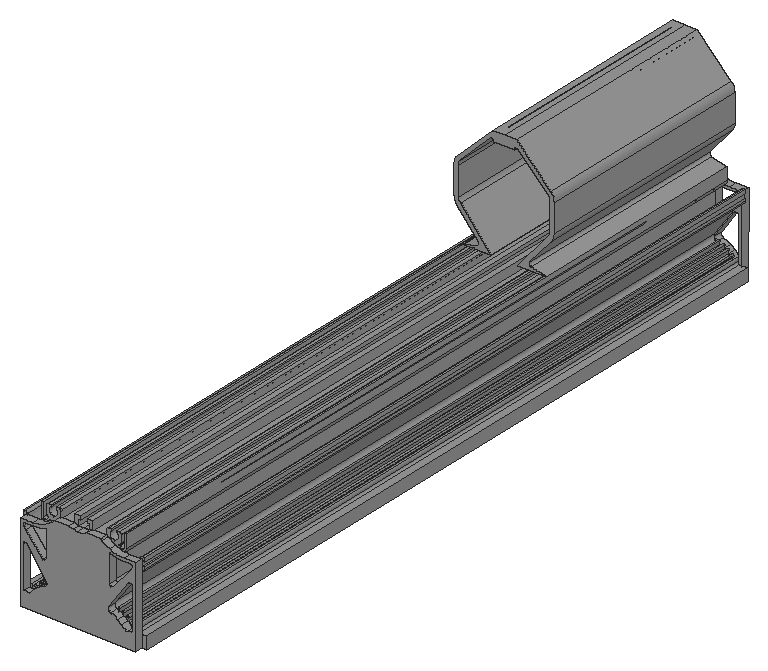
Revit family "L-street 24 Standart", category Осветительные приборы, Revit 2017 (continued)
Types (7, lengths in mm): name | built-in parameter 1150134 | Файл фотометрической сетки | built-in parameter 1150105 | Lumens | built-in parameter 1150106 | built-in parameter 1150142 | Wattage | built-in parameter 1150107 | Артикул
    6 390 394.1 398.6 403.2 408.1 412.7 416.8 420.2 423.6 427.4 431.9 437.2 443.6 450.4 458.6 467.8 478.1 488.9 500.4 512.6 525.2 538.3 550.5 561.4 569.2 573.5 573 566 550.8 523.8 483.7 426.3 358.3 287.2 226 175.3 132.2 89.9 55.3 36.1 25 16.8 13 11.4 10.1 9.1 8.4 7.8 7.2 6.8 6.3 5.8 5.4 5.1 4.8 4.6 4.1 3.2 2.8\r\n328.9 328.5 328.2 328.2 328.2 328.4 328.9 329.6 330.4 331.5 332.7 334 335.5 337.3 339.3 341.7 344.1 346.7 349.2 351.6 354.2 356.7 359.3 361.9 365 368.1 371.3 374.6 378.2 381.9 385.9 390.5 395.4 400.3 405.8 411.6 417.7 423.6 429 433.5 438.2 443.3 449.2 455.8 462.9 470.3 479 488.5 499.4 511.7 526 542.3 559.9 579.1 598.2 616.8 632.3 645.2 654.6 659.9 659.2 648.4 620.7 563.4 477.2 374.4 283.9 211.1 150.4 93 54.4 36.9 25.8 17.6 14 12.2 10.9 9.9 9.1 8.5 7.8 7.4 6.7 6.3 5.9 5.5 5.2 4.9 4.4 3.3 2.9\r\n328.9 328.5 328.3 328.3 328.5 328.8 329.3 330.1 331 332.2 333.4 334.8 336.4 338.2 340.3 342.5 344.9 347.4 350 352.6 355.1 357.6 360.2 362.9 365.9 368.9 372 375.3 378.8 382.5 386.5 391.1 396.3 401.6 407.5 413.8 420.8 427.5 433.8 439.1 444.6 450.3 457.4 465.6 474.8 485 496.5 508.6 522.2 536.9 552.8 569.8 587.4 606.2 625.2 644.8 662.4 678.1 690.6 700.2 705.2 700.9 677.7 619.9 527.1 411.5 307.8 226 157.1 93 55.9 38.9 27.5 18.9 14.9 13 11.6 10.5 9.8 9.1 8.4 7.9 7.2 6.7 6.2 5.8 5.5 5.2 4.6 3.4 2.9\r\n328.9 328.6 328.5 328.4 328.7 329.1 329.7 330.6 331.6 332.8 334.1 335.5 337.2 339.1 341.2 343.3 345.8 348.2 350.9 353.6 356.1 358.5 361.2 363.9 366.8 369.7 372.7 376 379.5 383.1 387.2 391.8 397.2 402.9 409.2 416.1 423.9 431.3 438.5 444.8 450.9 457.3 465.6 475.3 486.8 499.7 513.9 528.8 545.1 562 579.7 597.3 614.9 633.3 652.3 672.8 692.6 710.9 726.5 740.5 751.1 753.4 734.6 676.4 577.1 448.5 331.7 241 163.8 93.1 57.5 40.9 29.1 20.2 15.9 13.8 12.3 11.2 10.4 9.7 9 8.4 7.7 7.1 6.6 6.2 5.8 5.5 4.9 3.5 2.8\r\n328.9 328.6 328.5 328.6 328.9 329.3 330.1 331 332 333.3 334.7 336 337.9 339.8 342 344.3 347 349.4 352.1 355 357.6 360.1 362.8 365.6 368.5 371.5 374.5 377.7 381.2 384.8 388.9 393.5 398.8 404.6 411.1 418.5 426.6 434.3 441.8 448.1 454.5 461.5 470.8 481.7 494.7 509.3 525.6 543.2 562.8 583.2 605 627.4 649.8 673.3 697 721.2 744.1 764.1 778.2 783.6 777 755.4 714.5 642.8 541.4 421.1 315.5 229 151.8 86.9 55.2 38.9 27.8 20.1 16.2 14.2 12.6 11.6 10.7 10 9.3 8.6 8 7.4 6.8 6.4 6 5.7 5 3.6 2.9\r\n328.9 328.6 328.6 328.8 329.1 329.6 330.4 331.4 332.5 333.7 335.2 336.6 338.6 340.6 342.9 345.3 348.1 350.6 353.4 356.3 359 361.7 364.5 367.2 370.2 373.2 376.3 379.4 382.9 386.4 390.5 395.1 400.3 406.2 413.1 420.9 429.3 437.3 445 451.5 458 465.8 476 488.1 502.7 518.9 537.3 557.6 580.5 604.3 630.3 657.5 684.7 713.2 741.6 769.7 795.6 817.4 829.9 826.8 802.8 757.4 694.3 609.1 505.7 393.7 299.3 217 139.7 80.8 52.9 36.9 26.6 20 16.5 14.6 13 11.9 11.1 10.3 9.6 8.9 8.3 7.7 7.1 6.6 6.3 5.9 5.1 3.6 3\r\n328.9 328.7 328.8 328.9 329.3 330 330.8 331.9 333.1 334.4 336 337.6 339.6 341.7 344.2 346.7 349.5 352.1 355 357.9 360.7 363.5 366.4 369.2 372.3 375.3 378.4 381.5 385.1 388.8 393.1 397.8 403.2 409.1 416.2 424.2 432.7 440.8 448.6 454.7 460.9 468.4 478.4 490.1 504.2 519.7 537.4 557 579 602.2 627.4 653.9 680.8 709.8 739.9 771.3 801.5 829.4 850.7 859.9 847.5 808.1 741 643.7 528.7 412.9 318.2 234.4 150.2 84 54.9 37.9 27.2 20.8 17.3 15.2 13.5 12.4 11.5 10.7 10 9.3 8.6 7.9 7.3 6.9 6.5 6.1 5.3 3.8 3\r\n328.9 328.8 328.9 329 329.6 330.3 331.2 332.3 333.7 335.2 336.8 338.6 340.6 342.8 345.5 348.2 350.9 353.7 356.6 359.6 362.4 365.3 368.2 371.2 374.4 377.4 380.5 383.6 387.3 391.2 395.6 400.5 406 411.9 419.2 427.5 436 444.3 452.2 457.9 463.7 471 480.7 492.2 505.6 520.6 537.4 556.3 577.6 600 624.5 650.4 677 706.4 738.3 772.8 807.5 841.5 871.5 893.1 892.3 858.7 787.6 678.2 551.8 432 337.2 251.9 160.7 87.2 56.8 39 27.9 21.5 18 15.7 14.1 12.8 12 11.2 10.3 9.6 8.9 8.2 7.6 7.1 6.7 6.3 5.5 4 3.1\r\n328.9 329 329.5 330 330.7 331.9 333.2 334.6 336.2 338 339.8 341.8 344 346.5 349.2 352.1 354.9 357.8 360.7 363.6 366.4 369.2 372 374.9 377.8 380.7 383.9 387.3 391.1 395.4 400.3 405.6 411.7 418.6 427.2 436.3 444.8 452.4 459 464.7 471.7 481.1 492.7 506.6 522.4 540.2 559.7 581.7 605.8 631.5 658.1 685.9 714.5 745.8 778.3 812.3 846.4 879.2 904.3 916.2 905.6 859.1 774.4 661.5 532.7 402.1 293.1 196.3 120.8 68.8 45.8 31.7 22.8 18 15.4 13.6 12.3 11.3 10.5 9.8 9.1 8.5 7.9 7.3 6.9 6.5 6.1 5.5 4.3 3.3 2.9\r\n328.9 329.3 330.2 330.9 331.9 333.4 335.1 336.8 338.7 340.8 342.8 345 347.5 350.1 353 356 358.9 361.9 364.8 367.6 370.4 373.1 375.9 378.6 381.2 384 387.3 390.9 395 399.6 404.9 410.7 417.4 425.2 435.2 445.1 453.5 460.4 465.8 471.5 479.7 491.2 504.8 521 539.3 559.8 582 607.2 633.9 663 691.7 721.3 752.1 785.2 818.3 851.9 885.2 917 937 939.3 919 859.4 761.2 644.9 513.6 372.2 249 140.6 80.9 50.5 34.7 24.4 17.8 14.5 12.7 11.4 10.5 9.8 9.1 8.5 8 7.4 7 6.5 6.2 5.9 5.5 4.8 3.2 2.7 2.7\r\n328.9 329.4 330.2 331 332 333.4 335 336.7 338.6 340.6 342.6 344.7 347.1 349.6 352.4 355.2 358.1 360.9 363.6 366.2 368.8 371.4 374 376.6 379.2 382 385.3 388.8 392.6 397 402.2 407.8 414.4 421.9 431.2 440.5 448.4 454.9 460.4 466.2 474 484.8 497.7 513 530.2 549.4 569.9 593 617.3 643.5 669.5 695.9 722.8 751.4 780 808.5 835.6 860.9 877.7 881 869.3 832.1 763.8 664.3 532.5 377.6 247 136.9 77.5 48.8 34.8 24 17.1 14.1 12.4 11.1 10.2 9.6 8.9 8.3 7.8 7.2 6.8 6.3 6 5.7 5.4 4.7 3.1 2.7 2.7\r\n328.9 329.4 330.1 331 332.1 333.4 334.9 336.6 338.5 340.4 342.3 344.5 346.7 349.1 351.8 354.5 357.3 359.9 362.4 364.8 367.2 369.6 372.2 374.6 377.3 380.1 383.3 386.6 390.2 394.4 399.4 405 411.4 418.6 427.2 435.9 443.2 449.5 455 460.8 468.3 478.4 490.6 505 521.2 539.1 557.7 578.9 600.7 624.1 647.2 670.6 693.5 717.6 741.7 765.1 785.9 804.8 818.4 822.6 819.6 804.9 766.4 683.8 551.4 383.1 244.9 133.2 74 47.1 34.9 23.6 16.4 13.6 12.1 10.9 10 9.4 8.7 8.1 7.6 7 6.6 6.2 5.8 5.4 5.3 4.5 3 2.6 2.7\r\n328.9 329.4 330.2 331 332 333.3 334.7 336.2 338 339.7 341.5 343.5 345.5 347.8 350.3 353 355.7 358.2 360.7 363 365.4 367.8 370.3 372.8 375.5 378.3 381.5 384.8 388.6 392.8 397.6 403 409.3 416.1 424.2 432.5 439.5 445.4 450.6 455.9 462.5 471.1 481.3 493.2 506.3 520.8 536.2 553.5 571.6 591.3 611.2 631.8 652.8 675.7 698.9 722.2 742.8 761.3 775.1 781.3 780.2 768.4 735.8 659.6 539 387.4 258.5 153.6 86.2 51.2 36.2 25 17.1 13.6 12 10.8 9.8 9.2 8.5 8 7.4 6.9 6.5 6 5.7 5.4 5.1 4.5 3.1 2.7 2.7\r\n328.9 329.4 330.2 330.9 332 333.2 334.5 335.8 337.4 339.1 340.8 342.5 344.4 346.5 348.9 351.5 354.1 356.6 358.9 361.3 363.6 365.9 368.4 371 373.6 376.5 379.6 383.1 387 391.1 395.7 401 407.1 413.6 421.1 429 435.8 441.3 446.2 451 456.7 463.9 472 481.4 491.5 502.6 514.6 528.2 542.5 558.5 575.2 593 612 633.7 656.1 679.2 699.7 717.9 731.8 740 740.8 732 705.1 635.4 526.7 391.7 272.1 174 98.4 55.3 37.6 26.3 17.8 13.6 11.9 10.7 9.7 9 8.3 7.8 7.3 6.8 6.3 5.9 5.6 5.3 4.9 4.5 3.3 2.7 2.7\r\n328.9 329.5 330.3 331 332 333.1 334.2 335.5 337 338.5 340.1 341.6 343.4 345.3 347.5 350 352.5 354.9 357.3 359.6 361.8 364 366.3 368.6 371.2 373.8 376.8 380.1 383.8 387.6 392 396.7 402.2 408 414.6 421.4 427.4 432.1 436.2 439.9 444.1 449.8 456.5 464.2 472.4 481.7 492.1 504.3 517.4 532 547.1 562.9 578.6 594.9 610.3 625.2 636.8 644.4 646.8 642.2 628.3 601.4 558.5 487.4 398.1 300.5 218.4 153.5 97.9 57.3 37.8 25.4 16.7 12.7 11.3 10.1 9.1 8.4 7.8 7.3 6.8 6.4 5.9 5.5 5.2 4.9 4.6 4.3 3.2 2.7 2.7\r\n328.9 329.6 330.4 331 332 333 334 335.2 336.5 338 339.5 340.8 342.3 344.1 346.2 348.5 350.9 353.2 355.7 357.9 360.1 362.1 364.1 366.3 368.7 371.1 374 377.1 380.5 384.1 388.2 392.4 397.3 402.4 408 413.7 419 423 426.2 428.7 431.6 435.7 440.9 447 453.3 460.7 469.6 480.4 492.2 505.5 519.1 532.8 545.2 556 564.6 571.2 573.9 570.8 561.8 544.4 515.9 470.9 411.9 339.3 269.5 209.3 164.6 132.9 97.4 59.2 38 24.5 15.6 11.9 10.6 9.5 8.6 7.9 7.3 6.7 6.4 5.9 5.5 5.1 4.9 4.6 4.3 4 3 2.6 2.6\r\n328.9 329.6 330.3 330.9 331.7 332.6 333.5 334.6 335.8 337.1 338.4 339.6 341 342.5 344.5 346.6 348.8 351.1 353.5 355.6 357.6 359.4 361.2 363.2 365.5 367.9 370.6 373.6 377 380.4 384 387.7 391.8 395.9 400.4 404.8 409 412.2 414.8 416.7 419.1 422.5 426.9 432.4 438.2 444.8 451.8 459.6 467.6 476.2 484.4 492.1 497.8 501.1 501.5 498.2 489.1 471.8 446.9 414.5 377.6 335.3 291 243.7 199.4 161.3 132.5 111.4 88.8 60 38.2 24.5 15.5 11.5 10.1 9.1 8.1 7.4 6.8 6.3 5.9 5.6 5.2 4.8 4.5 4.3 4.1 3.8 3 2.6 2.6\r\n328.9 329.6 330.2 330.8 331.5 332.2 333 334 335.1 336.2 337.4 338.4 339.6 341 342.7 344.6 346.8 349 351.2 353.2 355.2 356.8 358.4 360.1 362.3 364.7 367.2 370.2 373.4 376.6 379.9 382.9 386.3 389.4 392.8 395.9 399 401.5 403.4 404.8 406.6 409.3 413 417.7 423.2 428.9 434.1 438.8 443 446.9 449.6 451.3 450.4 446.3 438.5 425.2 404.4 372.8 332.1 284.5 239.3 199.8 170 148 129.3 113.3 100.4 90 80.2 60.7 38.4 24.6 15.5 11.1 9.6 8.7 7.7 6.9 6.3 5.9 5.5 5.2 4.9 4.5 4.2 4 3.8 3.6 2.9 2.7 2.6\r\n328.9 329.6 330.1 330.7 331.3 331.9 332.7 333.7 334.6 335.6 336.6 337.5 338.6 339.9 341.4 343.2 345.2 347.2 349.1 350.9 352.7 354.2 355.8 357.6 359.7 362.1 364.5 367.1 369.7 372.2 374.7 377.2 379.9 382.5 385.1 387.6 390 392.2 394 395.5 397.2 398.9 400.9 403.2 405.8 408.1 409.5 410 409.2 407 401.9 393.5 379.6 360.7 338.2 313.8 287.4 259.5 230.5 200.1 171.3 146.3 126.5 111.3 98.3 88 80.3 73.6 62.6 45.5 29.8 19.7 12.9 9.9 8.7 7.8 6.9 6.3 5.7 5.3 5 4.7 4.4 4.1 3.8 3.6 3.4 3.1 2.7 2.6 2.5\r\n328.9 329.6 330 330.5 331 331.7 332.4 333.3 334.1 335 335.7 336.6 337.5 338.9 340.2 341.7 343.6 345.5 347 348.7 350.2 351.6 353.2 355.1 357.2 359.5 361.8 364 366 367.9 369.5 371.4 373.5 375.5 377.4 379.4 381.1 382.8 384.6 386.2 387.8 388.6 388.8 388.6 388.5 387.4 384.9 381.1 375.4 367.2 354.2 335.6 308.8 275.2 237.8 202.4 170.4 146.1 128.9 115.6 103.3 92.8 83 74.7 67.3 62.7 60.1 57.1 45.1 30.4 21.1 14.9 10.4 8.8 7.8 6.9 6.2 5.6 5.1 4.8 4.5 4.1 3.9 3.7 3.5 3.3 3.1 2.7 2.5 2.5 2.5\r\n328.9 329.5 329.8 330.3 330.6 331.2 331.7 332.4 333 333.7 334.2 334.8 335.4 336.4 337.3 338.6 340.1 341.7 343.1 344.6 346.1 347.4 348.8 350.3 352 353.8 355.5 357.1 358.6 360 361.2 362.3 363.6 365 366.4 368.1 369.5 370.4 370.9 370.8 370.5 369.4 367.5 364.9 361.4 356.8 349.7 339.5 325 306.7 283.4 257 228.1 199.7 172.9 149.4 128.6 112.2 99.6 89.2 79.7 71.9 64.6 58.5 52.9 49.3 46.4 42.2 33.6 24.5 18.4 13.7 10.1 8.5 7.6 6.7 6 5.3 4.8 4.5 4.3 3.9 3.7 3.5 3.3 3.1 3 2.6 2.4 2.4 2.4\r\n328.9 329.4 329.7 330 330.2 330.6 331 331.5 332 332.4 332.7 332.9 333.3 333.9 334.5 335.5 336.6 337.9 339.3 340.6 341.9 343.2 344.4 345.6 346.8 348.1 349.2 350.3 351.3 352.1 352.9 353.2 353.7 354.4 355.4 356.8 357.8 358 357.2 355.5 353.3 350.3 346.3 341.1 334.4 326.1 314.5 297.9 274.7 246.3 212.5 178.4 147.3 124.1 108 96.4 86.8 78.2 70.2 62.8 56.2 50.9 46.3 42.4 38.6 35.9 32.7 27.2 22.1 18.6 15.6 12.5 9.8 8.3 7.4 6.5 5.8 5.1 4.6 4.2 4.1 3.8 3.5 3.4 3.2 3 2.9 2.5 2.3 2.4 2.4\r\n328.9 329.4 329.6 329.8 330 330.2 330.4 330.7 330.9 331.1 331.2 331.3 331.4 331.6 332 332.8 333.6 334.8 335.8 337 338 339 339.9 340.7 341.5 342.3 343 343.7 344.2 344.5 344.8 344.9 345.1 345.2 345.2 345.4 345.1 344 342.1 339.1 334.9 329.9 323.6 315.4 304.1 289.5 270.1 246.3 218.3 189.8 161.8 137.2 116 100.1 88.3 79.2 71.4 64.3 57.9 52.2 47.2 43.1 39.5 36.3 33 30.2 27.2 23.3 19.6 16.9 14.4 11.8 9.5 8.3 7.4 6.6 5.8 5.1 4.5 4.1 3.9 3.6 3.4 3.3 3.1 2.9 2.8 2.5 2.3 2.3 2.4\r\n328.9 329.4 329.6 329.7 329.7 329.7 329.8 329.9 329.9 329.9 329.8 329.7 329.4 329.3 329.6 330 330.6 331.6 332.4 333.3 334.1 334.8 335.4 335.7 336.1 336.4 336.8 337 337.1 336.9 336.8 336.5 336.5 336.1 335 333.9 332.3 330.1 327 322.6 316.6 309.6 301 289.7 273.8 252.8 225.7 194.7 161.9 133.3 111 96 84.7 76.1 68.6 62 56 50.4 45.5 41.6 38.2 35.3 32.8 30.2 27.3 24.4 21.7 19.4 17.2 15.2 13.1 11 9.3 8.2 7.4 6.7 5.8 5.1 4.4 3.9 3.8 3.5 3.4 3.2 3 2.9 2.8 2.5 2.2 2.3 2.4\r\n328.9 329.3 329.4 329.4 329.3 329.2 329 328.9 328.7 328.5 328.2 327.9 327.5 327.2 327.2 327.5 327.9 328.5 329.1 329.6 330 330.3 330.4 330.6 330.7 330.8 330.8 330.7 330.4 330 329.4 328.5 327.5 326 324.1 321.7 318.8 314.9 310.1 304 296 286 272.6 255.5 233.2 207 178.6 151.5 126.8 106.9 91.5 80.4 71.6 64.3 58 52.5 47.6 43.4 39.8 36.8 34.2 31.8 29.5 27.1 24.8 22.5 20.3 18.4 16.5 14.8 13.1 11.5 9.9 8.6 7.6 6.8 6 5.3 4.5 4 3.7 3.5 3.3 3.1 2.9 2.8 2.7 2.5 2.2 2.2 2.3\r\n328.9 329.3 329.2 329.1 328.8 328.6 328.2 328 327.6 327.1 326.6 326.1 325.5 325.2 324.9 325 325.1 325.4 325.7 325.8 325.9 325.7 325.4 325.4 325.3 325.2 324.8 324.4 323.8 323 322.1 320.5 318.5 316 313.1 309.5 305.4 299.8 293.2 285.4 275.5 262.4 244.2 221.4 192.6 161.2 131.4 108.3 91.8 80.6 72 64.9 58.4 52.6 47.4 43 39.3 36.3 34 32.1 30.3 28.3 26.1 24.1 22.3 20.7 18.9 17.3 15.8 14.4 13.1 11.9 10.5 8.9 7.8 7 6.2 5.5 4.7 4 3.6 3.4 3.2 3.1 2.9 2.7 2.6 2.4 2.3 2.1 2.2\r\n328.9 329.2 329.1 328.9 328.5 328.1 327.6 327.1 326.5 325.8 325 324.2 323.5 322.9 322.5 322.3 322.2 322.1 322 321.7 321.1 320.5 319.8 319.4 319 318.6 318.3 318 317.4 316.3 314.8 312.5 309.6 306 301.6 296.4 290.5 283 273.9 262.7 247.9 229.2 205.3 179.3 152 127.2 106.1 90 78 69.4 62.5 56.6 51.2 46.4 42.2 38.8 35.9 33.6 31.7 29.9 28.2 26.4 24.5 22.9 21.5 20.1 18.6 17.3 16.1 14.8 13.7 12.7 11.6 10.2 8.7 7.5 6.6 5.9 5 4.3 3.7 3.4 3.2 3 2.9 2.7 2.6 2.4 2.2 2.1 2.2\r\n328.9 329.2 329 328.7 328.2 327.6 326.9 326.2 325.4 324.4 323.3 322.2 321.4 320.7 320.1 319.6 319.2 318.9 318.4 317.5 316.4 315.2 314.1 313.3 312.6 312.1 311.8 311.6 311 309.7 307.4 304.5 300.7 295.9 290.2 283.3 275.6 266.1 254.6 240 220.4 195.9 166.4 137.2 111.4 93.3 80.7 71.7 64.3 58.2 53 48.3 43.9 40.2 37.1 34.6 32.6 31 29.4 27.8 26.1 24.4 22.9 21.8 20.7 19.5 18.4 17.3 16.4 15.3 14.4 13.5 12.7 11.5 9.6 8 7 6.2 5.3 4.5 3.8 3.4 3.1 2.9 2.9 2.7 2.6 2.4 2.2 2.1 2.1\r\n328.9 329.1 328.9 328.5 327.9 327.2 326.4 325.6 324.6 323.3 322 320.8 319.8 318.9 318.2 317.5 316.8 316.1 315.1 313.9 312.4 310.9 309.5 308.4 307.3 306.4 305.9 305.3 304.4 302.7 300.3 297.2 293.3 288 281.6 274 265.3 254.3 240.7 223.1 200.5 173.9 145 119.4 98.6 84.1 73.5 65.7 59.1 54 49.5 45.3 41.5 38.2 35.5 33.3 31.4 29.8 28.2 26.6 25.1 23.6 22.2 21.1 20.2 19.3 18.5 17.7 16.9 16 15.1 14.3 13.5 12.5 11.1 9.6 7.9 6.6 5.7 4.9 4.1 3.5 3.2 2.9 2.8 2.7 2.6 2.4 2.2 2.1 2.1\r\n328.9 329.1 328.8 328.3 327.6 326.8 325.8 324.9 323.7 322.1 320.6 319.3 318.2 317 316.2 315.3 314.4 313.3 311.9 310.3 308.3 306.6 305 303.4 302 300.8 300 299.1 297.7 295.7 293.1 289.8 285.8 280.1 273 264.6 254.9 242.5 226.9 206.2 180.6 151.8 123.5 101.5 85.7 74.9 66.3 59.6 54 49.7 45.9 42.3 39 36.3 34 31.9 30.2 28.6 27 25.5 24.1 22.7 21.5 20.5 19.7 19.1 18.6 18 17.3 16.6 15.8 15 14.3 13.4 12.5 11.1 8.7 7.1 6.1 5.3 4.4 3.5 3.2 2.9 2.8 2.7 2.6 2.4 2.2 2.1 2\r\n328.9 329 328.7 328.1 327.3 326.4 325.3 324.1 322.7 320.9 319.1 317.6 316.3 315.1 313.9 312.8 311.5 309.9 307.9 305.7 303.5 301.4 299.5 297.5 295.7 294.2 292.6 290.6 288.1 285 281.6 277.4 272.1 265.3 257.3 247.5 235.5 219.7 200.5 176.6 150.6 125.6 104.1 88.2 76.4 67.6 60.4 54.7 50.1 46.5 43.3 40.4 37.5 35.2 33 31.1 29.4 28 26.4 25 23.6 22.4 21.1 20.3 19.8 19.2 18.7 18 17.3 16.6 15.9 15.5 15 14.4 13.9 12.8 11 9.1 7.1 5.8 4.8 3.9 3.3 3 2.8 2.7 2.6 2.4 2.2 2 2\r\n328.9 328.9 328.5 327.8 327 326 324.7 323.4 321.7 319.7 317.6 315.9 314.5 313.1 311.6 310.2 308.6 306.4 303.9 301.2 298.6 296.2 294 291.5 289.5 287.6 285.2 282.1 278.4 274.4 270.2 265 258.4 250.5 241.6 230.5 216 196.9 174.1 147 120.5 99.5 84.7 74.9 67 60.3 54.4 49.8 46.1 43.3 40.8 38.5 36.1 34 32 30.2 28.6 27.3 25.9 24.5 23.1 22 20.8 20.1 19.8 19.3 18.8 18 17.2 16.6 16.1 15.9 15.7 15.4 15.2 14.6 13.2 11.1 8.1 6.3 5.2 4.2 3.4 3 2.8 2.7 2.6 2.4 2.2 1.9 2\r\n328.9 328.9 328.5 327.7 326.8 325.6 324.3 322.8 320.9 318.7 316.5 314.6 312.9 311.3 309.7 307.9 305.7 303.1 300.1 297.1 294.1 291.4 288.9 286.5 284.2 281.7 278.6 274.9 270.7 266.1 260.9 254.6 247 238.2 228 214.8 198.1 176.2 151.4 125.6 103.6 87.8 76.3 68 61 55.2 50.3 46.6 43.7 41.5 39.4 37.3 35.1 33.1 31.3 29.7 28.2 27.1 25.8 24.6 23.2 22.1 21 20.3 19.9 19.4 19 18.3 17.7 17.1 16.5 16.2 16.1 15.8 15.4 14.6 13.5 11.9 9.7 7.9 5.9 4.6 3.8 3.2 2.8 2.7 2.5 2.4 2.2 2 2\r\n328.9 328.9 328.4 327.6 326.6 325.3 323.9 322.1 320.2 317.7 315.5 313.3 311.3 309.6 307.8 305.5 302.9 299.7 296.3 292.9 289.7 286.5 283.8 281.4 278.9 275.8 272.1 267.7 263 257.7 251.6 244.2 235.6 225.9 214.3 199.1 180.2 155.6 128.7 104.2 86.8 76 67.9 61.1 55 50 46.2 43.4 41.2
     39.6 38 36.2 34.2 32.2 30.6 29.2 27.9 26.8 25.7 24.6 23.4 22.3 21.2 20.5 20 19.6 19.2 18.7 18.2 17.5 16.9 16.6 16.6 16.2 15.6 14.7 13.8 12.6 11.3 9.5 6.7 5 4.1 3.3 2.9 2.6 2.5 2.3 2.1 2 2\r\n328.9 328.9 328.4 327.5 326.4 325.1 323.6 321.7 319.6 317.1 314.7 312.3 310.2 308.2 306.1 303.5 300.4 296.8 293 289.3 285.8 282.4 279.6 276.9 274.1 270.5 266.3 261.4 256.2 250.1 243.2 235.1 226 215.2 202.2 185.4 164.9 140.2 115.8 95.1 80.7 71.6 64.3 57.9 52.3 47.8 44.6 42.2 40.4 39 37.5 35.7 33.8 31.9 30.4 29.1 27.9 26.8 25.6 24.5 23.5 22.5 21.6 20.9 20.4 20 19.7 19.3 18.7 17.9 17.1 16.4 16.1 15.7 15.1 14.4 13.4 12 10.7 9.2 7.3 5.8 4.5 3.6 3 2.7 2.4 2.3 2.1 2 2\r\n328.9 328.9 328.4 327.4 326.2 324.9 323.3 321.3 319 316.4 313.9 311.3 309 306.8 304.4 301.5 297.9 293.8 289.8 285.7 281.9 278.3 275.3 272.4 269.3 265.2 260.5 255.1 249.3 242.6 234.8 226.1 216.3 204.5 190.1 171.6 149.6 124.8 102.9 85.9 74.6 67.1 60.6 54.8 49.6 45.7 42.9 41 39.6 38.4 37 35.3 33.4 31.7 30.2 29 27.9 26.8 25.5 24.4 23.6 22.6 21.9 21.3 20.7 20.4 20.3 20 19.3 18.3 17.3 16.3 15.6 15.2 14.6 14 13 11.4 10.1 9 8 6.6 5 3.8 3.1 2.7 2.4 2.3 2.1 1.9 1.9\r\n328.9 328.9 328.2 327.1 325.9 324.5 322.8 320.6 318.3 315.7 313.1 310.5 308 305.6 302.9 299.6 295.7 291.3 287 282.6 278.7 275.2 272.2 269.1 265.7 261.3 256.3 250.5 244.3 237 228.7 219.3 208.6 195.5 179.4 159.1 136 112.5 93.6 79.8 70.4 63.7 57.4 51.9 47.3 44.1 41.9 40.3 39 37.9 36.5 34.9 33.1 31.6 30.2 28.9 27.6 26.4 25.3 24.4 23.6 23 22.6 22.3 22.1 21.9 21.5 20.7 19.8 18.7 17.6 16.5 15.6 14.8 13.9 13.2 12.1 10.9 9.8 8.8 7.7 6.5 5.2 4 3.1 2.7 2.4 2.3 2.1 1.9 1.9\r\n328.9 328.8 328 326.8 325.5 324.1 322.3 320 317.6 314.9 312.2 309.6 307 304.3 301.4 297.6 293.5 288.8 284.2 279.5 275.5 272 269 265.9 262 257.3 252 245.8 239.2 231.4 222.7 212.6 201 186.6 168.7 146.5 122.3 100.1 84.4 73.6 66.3 60.4 54.3 48.9 44.9 42.4 40.8 39.5 38.4 37.3 35.9 34.5 32.8 31.5 30.3 28.7 27.3 26.1 25.2 24.3 23.7 23.4 23.2 23.4 23.4 23.3 22.6 21.5 20.3 19.1 17.8 16.7 15.6 14.4 13.2 12.3 11.3 10.5 9.6 8.6 7.5 6.4 5.4 4.1 3.2 2.6 2.4 2.2 2.1 1.9 1.9\r\n328.9 328.8 328 326.8 325.6 324 322.1 319.8 317.3 314.6 311.8 309.2 306.4 303.5 300.2 296.1 291.6 286.6 281.7 276.8 272.7 269.1 266.1 262.7 258.6 253.5 248 241.7 234.8 226.8 217.9 207.5 195.5 180.5 162.1 139.5 116 95.4 81.2 71.4 64.5 58.7 52.6 47.6 44.1 42 40.5 39.4 38.3 37.2 35.9 34.6 33.2 31.7 30.3 28.8 27.5 26.4 25.5 24.9 24.6 24.5 24.4 24.3 24.2 23.9 23.2 22.2 20.9 19.6 18.3 17.1 15.9 14.7 13.7 12.8 11.8 10.8 9.9 8.8 7.8 6.7 5.7 4.6 3.5 2.8 2.5 2.2 2.1 1.9 1.9\r\n328.9 328.8 328 326.8 325.6 323.9 321.9 319.6 317 314.2 311.4 308.7 305.8 302.6 299 294.5 289.6 284.3 279.2 274.1 269.9 266.3 263.1 259.5 255.2 249.8 244 237.6 230.5 222.2 213.2 202.5 190.1 174.5 155.5 132.5 109.6 90.7 78 69.1 62.8 57 50.9 46.2 43.3 41.5 40.3 39.3 38.3 37.1 36 34.8 33.6 31.9 30.3 28.9 27.7 26.6 25.9 25.5 25.4 25.6 25.5 25.2 24.9 24.4 23.8 22.8 21.6 20.2 18.7 17.4 16.1 15 14.1 13.3 12.3 11.2 10.2 9 8 6.9 6 5.1 3.8 3 2.5 2.2 2.1 1.9 1.9\r\n328.9 328.9 328.2 327.1 325.7 324 322.1 319.8 317.3 314.4 311.6 308.9 305.9 302.7 299 294.5 289.5 284.1 278.8 273.5 269 265.2 261.9 258.1 253.6 248.1 242.1 235.5 228.2 219.8 210.5 199.7 186.9 170.9 151.6 128.7 106.5 88.7 77 68.5 62.4 56.6 50.7 46.1 43.2 41.6 40.4 39.5 38.4 37.3 36.1 35 33.7 32 30.4 29 27.9 27 26.4 26.2 26.3 26.2 25.7 25.3 24.9 24.5 23.9 23 21.7 20.3 18.8 17.4 16.1 15.1 14.2 13.3 12.2 11.2 10.1 8.9 7.8 6.6 5.5 4.6 3.7 3 2.6 2.2 2.1 1.9 1.9\r\n328.9 328.9 328.4 327.3 325.8 324.1 322.3 320 317.5 314.7 311.9 309.1 306.1 302.8 299 294.4 289.4 283.8 278.3 272.9 268.2 264.1 260.6 256.7 252 246.4 240.3 233.4 226 217.4 207.9 196.8 183.7 167.4 147.8 124.9 103.3 86.7 75.9 67.9 62 56.3 50.4 46 43.1 41.6 40.5 39.7 38.5 37.5 36.3 35.3 33.8 32.1 30.5 29.2 28.1 27.3 26.9 27 27.1 26.8 26 25.4 25 24.6 24 23.1 21.9 20.4 18.9 17.3 16.1 15.2 14.2 13.2 12.2 11.1 9.9 8.8 7.7 6.3 5 4.1 3.5 3 2.6 2.3 2.1 1.9 1.9\r\n328.9 328.8 328 326.9 325.4 323.7 321.8 319.4 316.9 314 311.2 308.4 305.4 302 298.2 293.5 288.4 282.7 277.2 271.7 267 263.1 259.6 255.6 250.7 244.9 238.7 231.9 224.4 215.9 206.4 195.2 181.8 165.1 144.9 121.7 100.3 84.5 74.4 66.8 61 55.1 49.4 45.3 42.7 41.4 40.3 39.4 38.3 37.2 36.1 35 33.4 31.6 30.1 28.9 27.8 27.2 27 27.1 27.1 26.6 25.8 25.2 24.9 24.6 23.9 23 21.8 20.3 18.7 17.2 15.9 14.9 14 13.1 12 11 9.7 8.5 7.3 6.1 4.7 4 3.4 2.9 2.5 2.2 2.1 2 1.9\r\n328.9 328.6 327.7 326.6 325.1 323.3 321.3 318.9 316.3 313.4 310.6 307.8 304.7 301.3 297.4 292.6 287.4 281.7 276 270.5 265.9 262.1 258.5 254.5 249.5 243.5 237.2 230.3 222.8 214.3 204.9 193.6 179.9 162.7 142.1 118.4 97.2 82.4 73 65.8 59.9 54 48.4 44.5 42.3 41.1 40.1 39.2 38 36.9 35.9 34.7 32.9 31.1 29.8 28.5 27.6 27.1 27.1 27.3 27 26.5 25.6 25 24.8 24.6 23.9 23 21.7 20.2 18.5 17.1 15.8 14.7 13.9 12.9 11.8 10.8 9.4 8.2 7 5.8 4.5 3.9 3.2 2.8 2.4 2.2 2 2 1.9\r\n" | 28.9884 W | 5000 (stored number, unit not read) | "310010"
